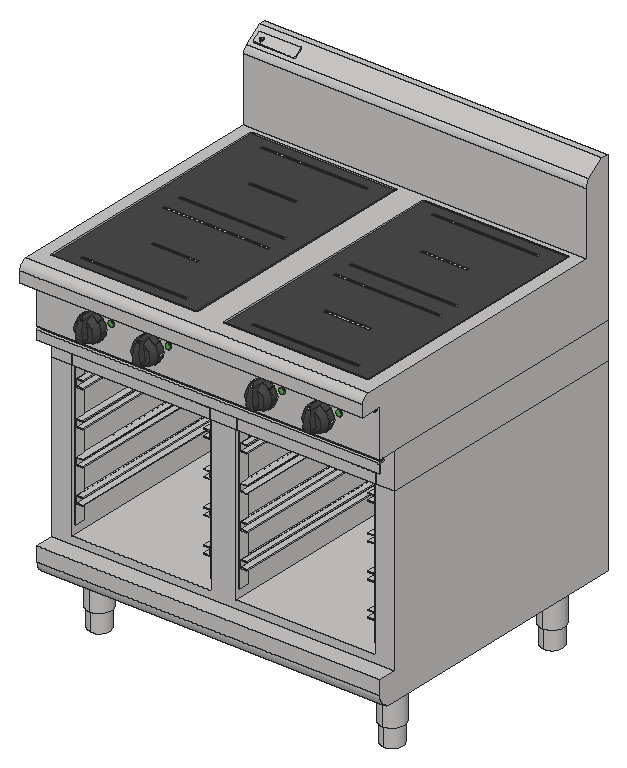
Revit family "QF_Moffat_IN8400R3-CB_Induction Cooktop_cat", category Specialty Equipment, Revit 2019
Family settings
  Round Connector Dimension = Use Diameter
  Part Type = Normal
  Work Plane-Based = No
  Always vertical = Yes
  Cut with Voids When Loaded = No
  Shared = No
  Room Calculation Point = No
Parameters (values of type "INB8400R3-CB_415/60/3")
  Weight in Kilograms = 105
  Watts = 14000 W
  Volts = 415 V
  URL Cutsheet = ""
  Specification by User = ""
  Specification by Manufacturer = ""
  Show Logo [instance] = yes
  Serial Number = ""
  Seismic Rating = ""
  SMACNA No = ""
  Revision Code = ""
  Phase = 3
  Number of Poles = 1
  NAFEM Spec ID Number = ""
  Model = "IN8400R3-CB"
  Min Ckt Ampacity = 0 A
  Max Overcurrent Protection = 0 A
  Masterspec = ""
  Manufacturer = "Moffat"
  Length = 900 mm
  Item Number = ""
  Installed By = ""
  Identify Quantity as Lot = yes
  Height = 1130 mm
  HP = ""
  Furnished By = ""
  Foodservice Equipment Identifier = yes
  FL Amps = 20 A
  Electrical Remarks = ""
  Electric Connection Type = ""
  Elec Conn RI Height = 0 mm
  Elec Conn Connection Height = 0 mm
  Description = "Induction Cooktop"
  Depth = 805 mm
  Cycle = 60 Hz
  Conn Plug = ""
  Conn Conduit = yes
  CSI MasterFormat = ""
  Apparent Power = if(Phase = 3, Volts * FL Amps * 1.73, Volts * FL Amps)  # 14359 VA
Reference planes
  plane 1 "BACK": y = 0
  plane 2: z = 0
  plane 3 "LEFT": x = 0
  plane 4 "RIGHT": x = 900
  plane 5 "FRONT": y = -805
  plane 6 "TOP": z = 1130
  plane 7 "Center Y": x = 450
  plane 8 "Center X": y = -402.5
  plane 9: x = 65.5
  plane 10: x = 834.5
  plane 11: y = -30
  plane 12: z = 150
  plane 13: y = -100
  plane 14: y = -625
  plane 15: y = -70
  plane 16: z = 915
  plane 17: x = 770
Forms (mm)
  Extrusion 1, solid, material "QF_Metal_Stainless_Polished"
    sketch origin (0, 0, 560) x (0, 1, 0) y (0, 0, 1)
      loop
        line (0, 180) -> (0, 570) -> (-18.182, 570) -> (-60.863, 538.99)
        arc (-60.863, 538.99) -> (-67.584, 531.121) -> (-70, 521.058) r 22.165
        line (-70, 521.058) -> (-70, 355) -> (-784.417, 355)
        arc (-784.417, 355) -> (-798.971, 348.971) -> (-805, 334.417) r 20.583
        line (-805, 334.417) -> (-805, 305) -> (-749, 305) -> (-749, 180) -> (0, 180)
    from 0 to 900
  Extrusion 2, void
    sketch origin (0, -784.171, 915) x (0, 1, 0) y (-1, 0, 0)
      loop
        arc (699.341, -37.323) -> (697.584, -33.08) -> (693.341, -31.323) r 6
        line (693.341, -31.323) -> (45.245, -31.323)
        arc (45.245, -31.323) -> (41.002, -33.08) -> (39.245, -37.323) r 6
        line (39.245, -37.323) -> (39.245, -410.105)
        arc (39.245, -410.105) -> (41.002, -414.347) -> (45.245, -416.105) r 6
        line (45.245, -416.105) -> (693.341, -416.105)
        arc (693.341, -416.105) -> (697.584, -414.347) -> (699.341, -410.105) r 6
        line (699.341, -410.105) -> (699.341, -37.323)
      loop
        line (699.341, -862.677) -> (699.341, -489.895)
        arc (699.341, -489.895) -> (697.584, -485.653) -> (693.341, -483.895) r 6
        line (693.341, -483.895) -> (45.245, -483.895)
        arc (45.245, -483.895) -> (41.002, -485.653) -> (39.245, -489.895) r 6
        line (39.245, -489.895) -> (39.245, -862.677)
        arc (39.245, -862.677) -> (41.002, -866.92) -> (45.245, -868.677) r 6
        line (45.245, -868.677) -> (693.341, -868.677)
        arc (693.341, -868.677) -> (697.584, -866.92) -> (699.341, -862.677) r 6
    from 0 to -9.5
  Extrusion 3, solid, material "QF_Plastic_Black_Smooth"
    sketch origin (0, -784.171, 915) x (0, 1, 0) y (-1, 0, 0)
      loop
        line (695.341, -410.105) -> (695.341, -37.323)
        arc (695.341, -37.323) -> (694.755, -35.908) -> (693.341, -35.323) r 2
        line (693.341, -35.323) -> (45.245, -35.323)
        arc (45.245, -35.323) -> (43.831, -35.908) -> (43.245, -37.323) r 2
        line (43.245, -37.323) -> (43.245, -410.105)
        arc (43.245, -410.105) -> (43.831, -411.519) -> (45.245, -412.105) r 2
        line (45.245, -412.105) -> (693.341, -412.105)
        arc (693.341, -412.105) -> (694.755, -411.519) -> (695.341, -410.105) r 2
      loop
        line (667.194, -86.598) -> (661.194, -86.598) -> (661.194, -363.75) -> (667.194, -363.75) -> (667.194, -86.598)
      loop
        line (526.611, -163.924) -> (526.611, -283.924) -> (532.611, -283.924) -> (532.611, -163.924) -> (526.611, -163.924)
      loop
        line (398.444, -86.598) -> (392.444, -86.598) -> (392.444, -363.75) -> (398.444, -363.75) -> (398.444, -86.598)
      loop
        line (345.944, -86.598) -> (339.944, -86.598) -> (339.944, -363.75) -> (345.944, -363.75) -> (345.944, -86.598)
      loop
        line (206.611, -163.924) -> (206.611, -283.924) -> (212.611, -283.924) -> (212.611, -163.924) -> (206.611, -163.924)
      loop
        line (77.194, -86.598) -> (71.194, -86.598) -> (71.194, -363.75) -> (77.194, -363.75) -> (77.194, -86.598)
      loop
        arc (695.341, -489.895) -> (694.755, -488.481) -> (693.341, -487.895) r 2
        line (693.341, -487.895) -> (45.245, -487.895)
        arc (45.245, -487.895) -> (43.831, -488.481) -> (43.245, -489.895) r 2
        line (43.245, -489.895) -> (43.245, -862.677)
        arc (43.245, -862.677) -> (43.831, -864.092) -> (45.245, -864.677) r 2
        line (45.245, -864.677) -> (693.341, -864.677)
        arc (693.341, -864.677) -> (694.755, -864.092) -> (695.341, -862.677) r 2
        line (695.341, -862.677) -> (695.341, -489.895)
      loop
        line (667.194, -813.402) -> (667.194, -536.25) -> (661.194, -536.25) -> (661.194, -813.402) -> (667.194, -813.402)
      loop
        line (526.611, -736.076) -> (532.611, -736.076) -> (532.611, -616.076) -> (526.611, -616.076) -> (526.611, -736.076)
      loop
        line (398.444, -813.402) -> (398.444, -536.25) -> (392.444, -536.25) -> (392.444, -813.402) -> (398.444, -813.402)
      loop
        line (345.944, -813.402) -> (345.944, -536.25) -> (339.944, -536.25) -> (339.944, -813.402) -> (345.944, -813.402)
      loop
        line (206.611, -736.076) -> (212.611, -736.076) -> (212.611, -616.076) -> (206.611, -616.076) -> (206.611, -736.076)
      loop
        line (77.194, -813.402) -> (77.194, -536.25) -> (71.194, -536.25) -> (71.194, -813.402) -> (77.194, -813.402)
    from 0 to -9.5
  Extrusion 4, solid, material "QF_Metal_Stainless_Polished"
    sketch origin (0, 0, 600) x (0, 1, 0) y (0, 0, 1)
      loop
        line (-739.467, 140) -> (-738.192, 134.838)
        arc (-738.192, 134.838) -> (-738.307, 134.302) -> (-738.799, 134.063) r 0.625
        line (-738.799, 134.063) -> (-746.111, 134.063)
        arc (-746.111, 134.063) -> (-748.011, 133.276) -> (-748.797, 131.377) r 2.686
        line (-748.797, 131.377) -> (-748.797, 107.627) -> (-747.197, 107.627) -> (-747.197, 131.242)
        arc (-747.197, 131.242) -> (-746.84, 132.105) -> (-745.976, 132.463) r 1.221
        line (-745.976, 132.463) -> (-738.755, 132.463)
        arc (-738.755, 132.463) -> (-737.028, 133.304) -> (-736.625, 135.182) r 2.194
        line (-736.625, 135.182) -> (-737.815, 140) -> (-739.467, 140)
    from 0 to 900
  Extrusion 5, solid, material "QF_Plastic_Black_Smooth"
    sketch origin (0, -749, 741.875) x (0, 0, 1) y (-1, 0, 0)
      loop
        circle (112.843, -13.157) r 5
      loop
        circle (112.843, -886.843) r 5
    from 0 to 1.6
  Extrusion 6, solid, material "QF_Metal_Stainless_Polished"
    sketch origin (450, -699, 645) x (0, 1, 0) y (1, 0, 0)
      loop
        circle (669, 320) r 6.35
    from 0 to 10
  Extrusion 7, solid, material "QF_Metal_Stainless_Polished"
    sketch origin (0, -699, 645) x (1, 0, 0) y (0, -1, 0)
      loop
        line (0, -699) -> (900, -699) -> (900, 0) -> (849.2, 0) -> (849.2, -25.4) -> (485.8, -25.4) -> (485.8, 0) -> (414.2, 0) -> (414.2, -25.4) -> (50.8, -25.4) -> (50.8, 0) -> (0, 0) -> (0, -699)
    from 0 to -95
  Extrusion 8, solid, material "QF_Metal_Stainless_Polished"
    sketch origin (50.8, -30, 645) x (0, 1, 0) y (0, 0, 1)
      loop
        line (-669, 0) -> (-643.6, 0) -> (-643.6, 26.45) -> (-669, 26.45) -> (-669, 0)
      loop
        line (-669, 32.45) -> (-643.6, 32.45) -> (-643.6, 66.4) -> (-669, 66.4) -> (-669, 32.45)
      loop
        line (-669, 67.4) -> (-643.6, 67.4) -> (-643.6, 95) -> (-669, 95) -> (-669, 67.4)
    from 0 to 363.4
  Extrusion 9, solid, material "QF_Metal_Stainless_Polished"
    sketch origin (900, 0, 560) x (-1, 0, 0) y (0, -1, 0)
      loop
        line (536.25, 122.976) -> (536.25, 116.976) -> (813.402, 116.976) -> (813.402, 122.976) -> (536.25, 122.976)
      loop
        line (736.076, 251.56) -> (736.076, 257.56) -> (616.076, 257.56) -> (616.076, 251.56) -> (736.076, 251.56)
      loop
        line (813.402, 385.726) -> (813.402, 391.726) -> (536.25, 391.726) -> (536.25, 385.726) -> (813.402, 385.726)
      loop
        line (813.402, 438.226) -> (813.402, 444.226) -> (536.25, 444.226) -> (536.25, 438.226) -> (813.402, 438.226)
      loop
        line (736.076, 571.56) -> (736.076, 577.56) -> (616.076, 577.56) -> (616.076, 571.56) -> (736.076, 571.56)
      loop
        line (536.25, 712.976) -> (536.25, 706.976) -> (813.402, 706.976) -> (813.402, 712.976) -> (536.25, 712.976)
      loop
        line (363.75, 122.976) -> (86.598, 122.976) -> (86.598, 116.976) -> (363.75, 116.976) -> (363.75, 122.976)
      loop
        line (163.924, 251.56) -> (283.924, 251.56) -> (283.924, 257.56) -> (163.924, 257.56) -> (163.924, 251.56)
      loop
        line (86.598, 385.726) -> (363.75, 385.726) -> (363.75, 391.726) -> (86.598, 391.726) -> (86.598, 385.726)
      loop
        line (86.598, 438.226) -> (363.75, 438.226) -> (363.75, 444.226) -> (86.598, 444.226) -> (86.598, 438.226)
      loop
        line (163.924, 571.56) -> (283.924, 571.56) -> (283.924, 577.56) -> (163.924, 577.56) -> (163.924, 571.56)
      loop
        line (363.75, 712.976) -> (86.598, 712.976) -> (86.598, 706.976) -> (363.75, 706.976) -> (363.75, 712.976)
    from 355 to 345.5
  Extrusion 10, solid, material "QF_Paint_Green"
    sketch origin (63.231, -748.999, 713.75) x (0, 0, 1) y (-1, 0, 0)
      loop
        circle (100.3, -282.5) r 7.15
    from 0 to 1.6
  Extrusion 11, solid, material "QF_Plastic_Black_Smooth"
    sketch origin (75, -748.999, 725.625) x (0, 0, 1) y (-1, 0, 0)
      loop
        circle (112.843, -225) r 5
    from 0 to 1.6
  Extrusion 12, solid, material "QF_Paint_Green"
    sketch origin (-86.769, -748.999, 713.75) x (0, 0, 1) y (-1, 0, 0)
      loop
        circle (100.3, -282.5) r 7.15
    from 0 to 1.6
  Extrusion 13, solid, material "QF_Plastic_Black_Smooth"
    sketch origin (-75, -748.999, 725.625) x (0, 0, 1) y (-1, 0, 0)
      loop
        circle (112.843, -225) r 5
    from 0 to 1.6
  Extrusion 14, solid, material "QF_Paint_Green"
    sketch origin (511.981, -748.999, 713.75) x (0, 0, 1) y (-1, 0, 0)
      loop
        circle (100.3, -282.5) r 7.15
    from 0 to 1.6
  Extrusion 15, solid, material "QF_Plastic_Black_Smooth"
    sketch origin (523.75, -748.999, 725.625) x (0, 0, 1) y (-1, 0, 0)
      loop
        circle (112.843, -225) r 5
    from 0 to 1.6
  Extrusion 16, solid, material "QF_Paint_Green"
    sketch origin (361.981, -748.999, 713.75) x (0, 0, 1) y (-1, 0, 0)
      loop
        circle (100.3, -282.5) r 7.15
    from 0 to 1.6
  Extrusion 17, solid, material "QF_Plastic_Black_Smooth"
    sketch origin (373.75, -748.999, 725.625) x (0, 0, 1) y (-1, 0, 0)
      loop
        circle (112.843, -225) r 5
    from 0 to 1.6
  Extrusion 18, solid, material "QF_Metal_Stainless_Polished"
    sketch origin (849.2, -30, 645) x (0, 1, 0) y (0, 0, -1)
      loop
        line (-669, 0) -> (-669, -26.45) -> (-643.6, -26.45) -> (-643.6, 0) -> (-669, 0)
      loop
        line (-669, -32.45) -> (-669, -66.4) -> (-643.6, -66.4) -> (-643.6, -32.45) -> (-669, -32.45)
      loop
        line (-669, -67.4) -> (-669, -95) -> (-643.6, -95) -> (-643.6, -67.4) -> (-669, -67.4)
    from 0 to 363.4
Cuts and joins
  Extrusion 2 cuts Extrusion 1
Lines and regions (mm)
  symbolic lines
    curve 1: line (0, 0, 0) -> (900, 0, 0)
    curve 2: line (0, -805, 0) -> (0, 0, 0)
    curve 3: line (900, -805, 0) -> (0, -805, 0)
    curve 4: line (900, 0, 0) -> (900, -805, 0)
    curve 5: line (0, -18.182, 0) -> (900, -18.182, 0)
    curve 6: line (0, -70, 0) -> (450, -70, 0)
    curve 7: line (37.323, -84.83, 0) -> (410.105, -84.83, 0)
    curve 8: arc (410.105, -84.83, 0) -> (414.347, -86.587, 0) -> (416.105, -90.83, 0) r 6
    curve 9: line (416.105, -90.83, 0) -> (416.105, -738.926, 0)
    curve 10: arc (416.105, -738.926, 0) -> (414.347, -743.168, 0) -> (410.105, -744.926, 0) r 6
    curve 11: line (410.105, -744.926, 0) -> (37.323, -744.926, 0)
    curve 12: arc (37.323, -744.926, 0) -> (33.08, -743.168, 0) -> (31.323, -738.926, 0) r 6
    curve 13: line (31.323, -738.926, 0) -> (31.323, -90.83, 0)
    curve 14: arc (31.323, -90.83, 0) -> (33.08, -86.587, 0) -> (37.323, -84.83, 0) r 6
    curve 15: line (410.105, -88.83, 0) -> (37.323, -88.83, 0)
    curve 16: arc (37.323, -88.83, 0) -> (35.908, -89.415, 0) -> (35.323, -90.83, 0) r 2
    curve 17: line (35.323, -90.83, 0) -> (35.323, -738.926, 0)
    curve 18: arc (35.323, -738.926, 0) -> (35.908, -740.34, 0) -> (37.323, -740.926, 0) r 2
    curve 19: line (37.323, -740.926, 0) -> (410.105, -740.926, 0)
    curve 20: arc (410.105, -740.926, 0) -> (411.519, -740.34, 0) -> (412.105, -738.926, 0) r 2
    curve 21: line (412.105, -738.926, 0) -> (412.105, -90.83, 0)
    curve 22: arc (412.105, -90.83, 0) -> (411.519, -89.415, 0) -> (410.105, -88.83, 0) r 2
    curve 23: line (416.105, -738.926, 0) -> (416.105, -90.83, 0)
    curve 24: line (412.105, -90.83, 0) -> (412.105, -738.926, 0)
    curve 25: line (862.677, -84.83, 0) -> (489.895, -84.83, 0)
    curve 26: arc (489.895, -84.83, 0) -> (485.653, -86.587, 0) -> (483.895, -90.83, 0) r 6
    curve 27: arc (483.895, -738.926, 0) -> (485.653, -743.168, 0) -> (489.895, -744.926, 0) r 6
    curve 28: line (489.895, -744.926, 0) -> (862.677, -744.926, 0)
    curve 29: arc (862.677, -744.926, 0) -> (866.92, -743.168, 0) -> (868.677, -738.926, 0) r 6
    curve 30: line (868.677, -738.926, 0) -> (868.677, -90.83, 0)
    curve 31: arc (868.677, -90.83, 0) -> (866.92, -86.587, 0) -> (862.677, -84.83, 0) r 6
    curve 32: line (489.895, -88.83, 0) -> (862.677, -88.83, 0)
    curve 33: arc (862.677, -88.83, 0) -> (864.092, -89.415, 0) -> (864.677, -90.83, 0) r 2
    curve 34: line (864.677, -90.83, 0) -> (864.677, -738.926, 0)
    curve 35: arc (864.677, -738.926, 0) -> (864.092, -740.34, 0) -> (862.677, -740.926, 0) r 2
    curve 36: line (862.677, -740.926, 0) -> (489.895, -740.926, 0)
    curve 37: arc (489.895, -740.926, 0) -> (488.481, -740.34, 0) -> (487.895, -738.926, 0) r 2
    curve 38: arc (487.895, -90.83, 0) -> (488.481, -89.415, 0) -> (489.895, -88.83, 0) r 2
    curve 39: line (487.895, -90.83, 0) -> (487.895, -738.926, 0)
    curve 40: arc (487.895, -738.926, 0) -> (488.481, -740.34, 0) -> (489.895, -740.926, 0) r 2
    curve 41: line (489.895, -740.926, 0) -> (862.677, -740.926, 0)
    curve 42: arc (862.677, -740.926, 0) -> (864.092, -740.34, 0) -> (864.677, -738.926, 0) r 2
    curve 43: line (864.677, -738.926, 0) -> (864.677, -90.83, 0)
    curve 44: arc (864.677, -90.83, 0) -> (864.092, -89.415, 0) -> (862.677, -88.83, 0) r 2
    curve 45: line (862.677, -88.83, 0) -> (489.895, -88.83, 0)
    curve 46: arc (489.895, -88.83, 0) -> (488.481, -89.415, 0) -> (487.895, -90.83, 0) r 2
    curve 47: line (483.895, -90.83, 0) -> (483.895, -738.926, 0)
    curve 48: arc (483.895, -738.926, 0) -> (485.653, -743.168, 0) -> (489.895, -744.926, 0) r 6
    curve 49: line (489.895, -744.926, 0) -> (862.677, -744.926, 0)
    curve 50: arc (862.677, -744.926, 0) -> (866.92, -743.168, 0) -> (868.677, -738.926, 0) r 6
    curve 51: line (868.677, -738.926, 0) -> (868.677, -90.83, 0)
    curve 52: arc (868.677, -90.83, 0) -> (866.92, -86.587, 0) -> (862.677, -84.83, 0) r 6
    curve 53: line (862.677, -84.83, 0) -> (489.895, -84.83, 0)
    curve 54: arc (489.895, -84.83, 0) -> (485.653, -86.587, 0) -> (483.895, -90.83, 0) r 6
    curve 55: line (86.598, -122.976, 0) -> (363.75, -122.976, 0)
    curve 56: line (363.75, -122.976, 0) -> (363.75, -116.976, 0)
    curve 57: line (363.75, -116.976, 0) -> (86.598, -116.976, 0)
    curve 58: line (86.598, -116.976, 0) -> (86.598, -122.976, 0)
    curve 59: line (283.924, -251.56, 0) -> (163.924, -251.56, 0)
    curve 60: line (163.924, -251.56, 0) -> (163.924, -257.56, 0)
    curve 61: line (163.924, -257.56, 0) -> (283.924, -257.56, 0)
    curve 62: line (283.924, -257.56, 0) -> (283.924, -251.56, 0)
    curve 63: line (536.25, -122.976, 0) -> (813.402, -122.976, 0)
    curve 64: line (813.402, -122.976, 0) -> (813.402, -116.976, 0)
    curve 65: line (813.402, -116.976, 0) -> (536.25, -116.976, 0)
    curve 66: line (536.25, -116.976, 0) -> (536.25, -122.976, 0)
    curve 67: line (736.076, -251.56, 0) -> (616.076, -251.56, 0)
    curve 68: line (616.076, -251.56, 0) -> (616.076, -257.56, 0)
    curve 69: line (616.076, -257.56, 0) -> (736.076, -257.56, 0)
    curve 70: line (736.076, -257.56, 0) -> (736.076, -251.56, 0)
    curve 71: line (736.076, -571.56, 0) -> (616.076, -571.56, 0)
    curve 72: line (616.076, -571.56, 0) -> (616.076, -577.56, 0)
    curve 73: line (616.076, -577.56, 0) -> (736.076, -577.56, 0)
    curve 74: line (736.076, -577.56, 0) -> (736.076, -571.56, 0)
    curve 75: line (813.402, -706.976, 0) -> (536.25, -706.976, 0)
    curve 76: line (536.25, -706.976, 0) -> (536.25, -712.976, 0)
    curve 77: line (536.25, -712.976, 0) -> (813.402, -712.976, 0)
    curve 78: line (813.402, -712.976, 0) -> (813.402, -706.976, 0)
    curve 79: line (86.598, -712.976, 0) -> (363.75, -712.976, 0)
    curve 80: line (363.75, -712.976, 0) -> (363.75, -706.976, 0)
    curve 81: line (363.75, -706.976, 0) -> (86.598, -706.976, 0)
    curve 82: line (86.598, -706.976, 0) -> (86.598, -712.976, 0)
    curve 83: line (283.924, -577.56, 0) -> (163.924, -577.56, 0)
    curve 84: line (163.924, -577.56, 0) -> (163.924, -571.56, 0)
    curve 85: line (163.924, -571.56, 0) -> (283.924, -571.56, 0)
    curve 86: line (283.924, -571.56, 0) -> (283.924, -577.56, 0)
    curve 87: line (86.598, -444.226, 0) -> (363.75, -444.226, 0)
    curve 88: line (363.75, -444.226, 0) -> (363.75, -438.226, 0)
    curve 89: line (363.75, -438.226, 0) -> (86.598, -438.226, 0)
    curve 90: line (86.598, -438.226, 0) -> (86.598, -444.226, 0)
    curve 91: line (86.598, -391.726, 0) -> (363.75, -391.726, 0)
    curve 92: line (363.75, -391.726, 0) -> (363.75, -385.726, 0)
    curve 93: line (363.75, -385.726, 0) -> (86.598, -385.726, 0)
    curve 94: line (86.598, -385.726, 0) -> (86.598, -391.726, 0)
    curve 95: line (0, 0, 560) -> (900, 0, 560)
    curve 96: line (0, -805, 560) -> (0, 0, 560)
    curve 97: line (900, -805, 560) -> (0, -805, 560)
    curve 98: line (900, 0, 560) -> (900, -805, 560)
    curve 99: line (0, -18.182, 560) -> (900, -18.182, 560)
    curve 100: line (0, -70, 560) -> (900, -70, 560)
    curve 101: line (416.105, -90.83, 560) -> (416.105, -738.926, 560)
    curve 102: line (412.105, -738.926, 560) -> (412.105, -90.83, 560)
    curve 103: line (416.105, -738.926, 560) -> (416.105, -90.83, 560)
    curve 104: line (412.105, -90.83, 560) -> (412.105, -738.926, 560)
    curve 105: line (862.677, -84.83, 560) -> (489.895, -84.83, 560)
    curve 106: arc (483.895, -738.926, 560) -> (485.653, -743.168, 560) -> (489.895, -744.926, 560) r 6
    curve 107: line (489.895, -744.926, 560) -> (862.677, -744.926, 560)
    curve 108: arc (862.677, -744.926, 560) -> (866.92, -743.168, 560) -> (868.677, -738.926, 560) r 6
    curve 109: arc (864.677, -738.926, 560) -> (864.092, -740.34, 560) -> (862.677, -740.926, 560) r 2
    curve 110: line (862.677, -740.926, 560) -> (489.895, -740.926, 560)
    curve 111: arc (489.895, -740.926, 560) -> (488.481, -740.34, 560) -> (487.895, -738.926, 560) r 2
    curve 112: arc (487.895, -738.926, 560) -> (488.481, -740.34, 560) -> (489.895, -740.926, 560) r 2
    curve 113: line (489.895, -740.926, 560) -> (862.677, -740.926, 560)
    curve 114: arc (862.677, -740.926, 560) -> (864.092, -740.34, 560) -> (864.677, -738.926, 560) r 2
    curve 115: arc (483.895, -738.926, 560) -> (485.653, -743.168, 560) -> (489.895, -744.926, 560) r 6
    curve 116: line (489.895, -744.926, 560) -> (862.677, -744.926, 560)
    curve 117: arc (862.677, -744.926, 560) -> (866.92, -743.168, 560) -> (868.677, -738.926, 560) r 6
    curve 118: line (86.598, -122.976, 560) -> (363.75, -122.976, 560)
    curve 119: line (363.75, -122.976, 560) -> (363.75, -116.976, 560)
    curve 120: line (363.75, -116.976, 560) -> (86.598, -116.976, 560)
    curve 121: line (86.598, -116.976, 560) -> (86.598, -122.976, 560)
    curve 122: line (283.924, -251.56, 560) -> (163.924, -251.56, 560)
    curve 123: line (163.924, -251.56, 560) -> (163.924, -257.56, 560)
    curve 124: line (163.924, -257.56, 560) -> (283.924, -257.56, 560)
    curve 125: line (283.924, -257.56, 560) -> (283.924, -251.56, 560)
    curve 126: line (536.25, -122.976, 560) -> (813.402, -122.976, 560)
    curve 127: line (813.402, -122.976, 560) -> (813.402, -116.976, 560)
    curve 128: line (813.402, -116.976, 560) -> (536.25, -116.976, 560)
    curve 129: line (536.25, -116.976, 560) -> (536.25, -122.976, 560)
    curve 130: line (736.076, -251.56, 560) -> (616.076, -251.56, 560)
    curve 131: line (616.076, -251.56, 560) -> (616.076, -257.56, 560)
    curve 132: line (616.076, -257.56, 560) -> (736.076, -257.56, 560)
    curve 133: line (736.076, -257.56, 560) -> (736.076, -251.56, 560)
    curve 134: line (736.076, -571.56, 560) -> (616.076, -571.56, 560)
    curve 135: line (616.076, -571.56, 560) -> (616.076, -577.56, 560)
    curve 136: line (616.076, -577.56, 560) -> (736.076, -577.56, 560)
    curve 137: line (736.076, -577.56, 560) -> (736.076, -571.56, 560)
    curve 138: line (813.402, -706.976, 560) -> (536.25, -706.976, 560)
    curve 139: line (536.25, -706.976, 560) -> (536.25, -712.976, 560)
    curve 140: line (536.25, -712.976, 560) -> (813.402, -712.976, 560)
    curve 141: line (813.402, -712.976, 560) -> (813.402, -706.976, 560)
    curve 142: line (86.598, -712.976, 560) -> (363.75, -712.976, 560)
    curve 143: line (363.75, -712.976, 560) -> (363.75, -706.976, 560)
    curve 144: line (363.75, -706.976, 560) -> (86.598, -706.976, 560)
    curve 145: line (86.598, -706.976, 560) -> (86.598, -712.976, 560)
    curve 146: line (283.924, -577.56, 560) -> (163.924, -577.56, 560)
    curve 147: line (163.924, -577.56, 560) -> (163.924, -571.56, 560)
    curve 148: line (163.924, -571.56, 560) -> (283.924, -571.56, 560)
    curve 149: line (283.924, -571.56, 560) -> (283.924, -577.56, 560)
    curve 150: line (86.598, -444.226, 560) -> (363.75, -444.226, 560)
    curve 151: line (363.75, -444.226, 560) -> (363.75, -438.226, 560)
    curve 152: line (363.75, -438.226, 560) -> (86.598, -438.226, 560)
    curve 153: line (86.598, -438.226, 560) -> (86.598, -444.226, 560)
    curve 154: line (86.598, -391.726, 560) -> (363.75, -391.726, 560)
    curve 155: line (363.75, -391.726, 560) -> (363.75, -385.726, 560)
    curve 156: line (363.75, -385.726, 560) -> (86.598, -385.726, 560)
    curve 157: line (86.598, -385.726, 560) -> (86.598, -391.726, 560)
    curve 158: line (536.25, -391.726, 560) -> (813.402, -391.726, 560)
    curve 159: line (813.402, -391.726, 560) -> (813.402, -385.726, 560)
    curve 160: line (813.402, -385.726, 560) -> (536.25, -385.726, 560)
    curve 161: line (536.25, -385.726, 560) -> (536.25, -391.726, 560)
    curve 162: line (536.25, -444.226, 560) -> (813.402, -444.226, 560)
    curve 163: line (813.402, -444.226, 560) -> (813.402, -438.226, 560)
    curve 164: line (813.402, -438.226, 560) -> (536.25, -438.226, 560)
    curve 165: line (536.25, -438.226, 560) -> (536.25, -444.226, 560)
Dimensions and locks
  equal spacing: plane 3 "LEFT", plane 7 "Center Y", plane 4 "RIGHT"
  "Length": plane 3 "LEFT" to plane 4 "RIGHT"
  equal spacing: plane 5 "FRONT", plane 8 "Center X", plane 1 "BACK"
  "Depth": plane 5 "FRONT" to plane 1 "BACK"
  "Height": plane 6 "TOP" to level
  plane 9 to plane 10 = 769 mm
  plane 4 "RIGHT" to plane 3 "LEFT" = 900 mm
  plane 6 "TOP" to plane 2 = 1130 mm
  plane 1 "BACK" to plane 11 = 30 mm
  plane 1 "BACK" to plane 13 to plane 14 = 100 mm, 525 mm
  plane 1 "BACK" to plane 15 = 70 mm
  plane 16 to level = 915 mm  (x2)
  level to plane 12 = 150 mm
  plane 12 to level = 150 mm
  plane 4 "RIGHT" to plane 17 = 130 mm
  plane 1 "BACK" to plane 5 "FRONT" = 805 mm
  locked: plane 10 to plane 4 "RIGHT" at 65.5
  aligned and locked: level to plane 2
  aligned and locked: Extrusion 18 to Extrusion 7  (x2)
Automatic sketch dimensions
  Extrusion 1 sketch curve to plane 5 "FRONT" = 0 mm
  Extrusion 1 sketch curve to plane 16 = 0 mm
  Extrusion 1 sketch curve to plane 15 = 0 mm
  Extrusion 1 sketch curve to plane 6 "TOP" = 0 mm
  Extrusion 1 sketch curve to plane 1 "BACK" = 0 mm
  Extrusion 1 sketch curve to plane 5 "FRONT" = 20.583 mm
  Extrusion 1 sketch curve to plane 5 "FRONT" = 56 mm
  Extrusion 1 sketch curve to plane 15 = 9.137 mm
  plane 11 to Extrusion 1 sketch curve = 17.835 mm
  Extrusion 1 sketch curve to plane 11 = 11.818 mm
  Extrusion 1 sketch curve to Extrusion 1 sketch curve = 29.417 mm
  Extrusion 1 sketch curve to plane 16 = 175 mm
  Extrusion 1 sketch curve to plane 6 "TOP" = 48.942 mm
  Extrusion 2 sketch curve to Extrusion 1 = 39.492 mm  (x2)
  Extrusion 2 sketch curve to Extrusion 2 sketch curve = 6 mm  (x6)
  Extrusion 1 to Extrusion 2 sketch curve = 20.83 mm  (x4)
  Extrusion 1 to Extrusion 2 sketch curve = 31.323 mm
  Extrusion 2 sketch curve to Extrusion 2 sketch curve = 372.782 mm
  Extrusion 2 sketch curve to Extrusion 2 sketch curve = 67.791 mm
  Extrusion 1 to Extrusion 2 sketch curve = 37.323 mm
  Extrusion 4 sketch curve to plane 5 "FRONT" = 56.203 mm
  Extrusion 4 sketch curve to Extrusion 4 sketch curve = 1.6 mm
  Extrusion 4 sketch curve to Extrusion 4 sketch curve = 1.086 mm
  Extrusion 4 sketch curve to Extrusion 4 sketch curve = 0.135 mm  (x2)
  Extrusion 4 sketch curve to Extrusion 4 sketch curve = 6.644 mm
  Extrusion 4 sketch curve to Extrusion 4 sketch curve = 0.668 mm
  Extrusion 4 sketch curve to Extrusion 4 sketch curve = 0.044 mm
  Extrusion 4 sketch curve to Extrusion 4 sketch curve = 0.563 mm
  Extrusion 4 sketch curve to Extrusion 4 sketch curve = 1.652 mm
  Extrusion 4 sketch curve to Extrusion 4 sketch curve = 1.567 mm
  Extrusion 4 sketch curve to plane 16 = 207.373 mm
  Extrusion 4 sketch curve to Extrusion 4 sketch curve = 23.614 mm
  Extrusion 4 sketch curve to Extrusion 4 sketch curve = 0.594 mm
  Extrusion 4 sketch curve to Extrusion 4 sketch curve = 0.032 mm
  Extrusion 4 sketch curve to Extrusion 4 sketch curve = 5.162 mm
  Extrusion 1 to Extrusion 5 sketch curve = 10.282 mm  (x2)
  Extrusion 1 to Extrusion 5 sketch curve = 13.157 mm  (x2)
  Extrusion 12 sketch curve to plane 16 = 100.95 mm
  Extrusion 12 sketch curve to plane 9 = 130.231 mm
  Extrusion 13 sketch curve to plane 16 = 76.532 mm
  Extrusion 13 sketch curve to plane 9 = 84.5 mm
  plane 17 to Extrusion 14 sketch curve = 24.481 mm
  Extrusion 14 sketch curve to plane 16 = 100.95 mm
  Extrusion 15 sketch curve to plane 17 = 21.25 mm
  Extrusion 15 sketch curve to plane 16 = 76.532 mm
  Extrusion 16 sketch curve to plane 16 = 100.95 mm
  Extrusion 16 sketch curve to plane 17 = 125.519 mm
  plane 14 to Extrusion 18 sketch curve = 74 mm
  Extrusion 18 sketch curve to Extrusion 18 sketch curve = 0 mm  (x4)
  Extrusion 18 sketch curve to Extrusion 18 sketch curve = 25.4 mm
  Extrusion 18 sketch curve to plane 16 = 175 mm
  Extrusion 18 sketch curve to Extrusion 18 sketch curve = 27.6 mm
  Extrusion 18 sketch curve to Extrusion 18 sketch curve = 1 mm
  Extrusion 18 sketch curve to Extrusion 18 sketch curve = 33.95 mm
  Extrusion 18 sketch curve to Extrusion 18 sketch curve = 6 mm
  Extrusion 18 sketch curve to Extrusion 18 sketch curve = 26.45 mm
  Extrusion 3 sketch curve to Extrusion 1 = 43.492 mm  (x2)
  Extrusion 3 sketch curve to Extrusion 3 sketch curve = 2 mm  (x6)
  Extrusion 3 sketch curve to Extrusion 3 sketch curve = 25.949 mm  (x2)
  Extrusion 3 sketch curve to Extrusion 3 sketch curve = 6 mm  (x12)
  Extrusion 3 sketch curve to Extrusion 3 sketch curve = 129.416 mm  (x2)
  Extrusion 3 sketch curve to Extrusion 3 sketch curve = 127.334 mm  (x2)
  Extrusion 3 sketch curve to Extrusion 3 sketch curve = 46.5 mm  (x2)
  Extrusion 3 sketch curve to Extrusion 3 sketch curve = 128.166 mm  (x2)
  Extrusion 1 to Extrusion 3 sketch curve = 52.976 mm  (x2)
  Extrusion 1 to Extrusion 3 sketch curve = 20.83 mm  (x4)
  Extrusion 1 to Extrusion 3 sketch curve = 35.323 mm
  Extrusion 3 sketch curve to Extrusion 3 sketch curve = 49.275 mm  (x2)
  Extrusion 1 to Extrusion 3 sketch curve = 86.598 mm  (x4)
  Extrusion 3 sketch curve to Extrusion 3 sketch curve = 0 mm  (x4)
  Extrusion 3 sketch curve to Extrusion 3 sketch curve = 77.326 mm  (x2)
  Extrusion 3 sketch curve to Extrusion 3 sketch curve = 120 mm  (x4)
  Extrusion 3 sketch curve to Extrusion 3 sketch curve = 79.826 mm  (x5)
  Extrusion 3 sketch curve to Extrusion 3 sketch curve = 46.355 mm  (x3)
  Extrusion 3 sketch curve to Extrusion 3 sketch curve = 75.791 mm
  Extrusion 3 sketch curve to Extrusion 3 sketch curve = 172.5 mm
  Extrusion 1 to Extrusion 3 sketch curve = 37.323 mm
  curve 8 to curve 22 = 0 mm  (x2)
  curve 10 to curve 20 = 0 mm  (x2)
  curve 12 to curve 18 = 0 mm  (x2)
  curve 14 to curve 16 = 0 mm  (x2)
  curve 26 to curve 38 = 0 mm  (x2)
  curve 26 to curve 46 = 0 mm  (x2)
  curve 26 to curve 54 = 0 mm  (x2)
  curve 27 to curve 37 = 0 mm  (x2)
  curve 27 to curve 40 = 0 mm  (x2)
  curve 27 to curve 48 = 0 mm  (x2)
  curve 29 to curve 35 = 0 mm  (x2)
  curve 29 to curve 42 = 0 mm  (x2)
  curve 29 to curve 50 = 0 mm  (x2)
  curve 31 to curve 33 = 0 mm  (x2)
  curve 31 to curve 44 = 0 mm  (x2)
  curve 31 to curve 52 = 0 mm  (x2)
  curve 33 to curve 44 = 0 mm  (x2)
  curve 33 to curve 52 = 0 mm  (x2)
  curve 35 to curve 42 = 0 mm  (x2)
  curve 35 to curve 50 = 0 mm  (x2)
  curve 37 to curve 40 = 0 mm  (x2)
  curve 37 to curve 48 = 0 mm  (x2)
  curve 38 to curve 46 = 0 mm  (x2)
  curve 38 to curve 54 = 0 mm  (x2)
  curve 40 to curve 48 = 0 mm  (x2)
  curve 42 to curve 50 = 0 mm  (x2)
  curve 44 to curve 52 = 0 mm  (x2)
  curve 46 to curve 54 = 0 mm  (x2)
  plane 1 "BACK" to curve 1 = 0 mm
  curve 1 to plane 3 "LEFT" = 0 mm
  curve 6 to plane 7 "Center Y" = 0 mm
  curve 5 to plane 4 "RIGHT" = 0 mm
  plane 5 "FRONT" to curve 3 = 0 mm
  plane 15 to curve 6 = 0 mm
  plane 3 "LEFT" to curve 13 = 31.323 mm
  curve 13 to curve 17 = 4 mm
  curve 17 to curve 16 = 2 mm
  curve 17 to curve 18 = 2 mm
  curve 94 to plane 9 = 21.098 mm
  curve 57 to plane 9 = 21.098 mm
  curve 79 to plane 9 = 21.098 mm
  curve 87 to plane 9 = 21.098 mm
  curve 83 to plane 14 = 47.44 mm
  curve 83 to plane 9 = 98.424 mm
  curve 59 to plane 9 = 98.424 mm
  curve 60 to curve 61 = 120 mm
  curve 85 to plane 14 = 53.44 mm
  curve 84 to curve 85 = 120 mm
  curve 79 to plane 7 "Center Y" = 86.25 mm
  curve 88 to plane 8 "Center X" = 41.726 mm
  curve 88 to plane 7 "Center Y" = 86.25 mm
  plane 13 to curve 57 = 16.976 mm
  curve 57 to plane 7 "Center Y" = 86.25 mm
  plane 8 "Center X" to curve 93 = 16.774 mm
  curve 93 to curve 88 = 0 mm
  curve 10 to plane 7 "Center Y" = 39.895 mm
  curve 22 to plane 13 = 9.17 mm
  curve 22 to plane 7 "Center Y" = 39.895 mm
  curve 10 to curve 21 = 2 mm
  plane 7 "Center Y" to curve 47 = 33.895 mm
  curve 54 to curve 39 = 4 mm
  curve 38 to curve 45 = 2 mm
  curve 37 to curve 40 = 2 mm
  curve 27 to curve 77 = 46.355 mm
  plane 13 to curve 65 = 16.976 mm
  curve 38 to curve 65 = 46.355 mm
  curve 72 to plane 14 = 53.44 mm
  curve 72 to plane 17 = 153.924 mm
  curve 63 to curve 68 = 79.826 mm
  curve 70 to plane 17 = 33.924 mm
  curve 73 to plane 17 = 33.924 mm
  plane 10 to curve 65 = 21.098 mm
  plane 10 to curve 78 = 21.098 mm
  curve 33 to plane 13 = 9.17 mm
  curve 33 to plane 10 = 28.177 mm
  curve 50 to plane 10 = 28.177 mm
  curve 31 to curve 34 = 2 mm
  curve 28 to plane 5 "FRONT" = 60.074 mm
  curve 11 to plane 5 "FRONT" = 60.074 mm
  curve 29 to curve 77 = 25.949 mm
  curve 10 to curve 80 = 25.949 mm
  curve 79 to curve 82 = 6 mm
  curve 77 to curve 75 = 6 mm
  curve 73 to curve 71 = 6 mm
  curve 87 to curve 90 = 6 mm
  curve 92 to curve 92 = 6 mm
  plane 8 "Center X" to curve 68 = 144.94 mm
  plane 8 "Center X" to curve 61 = 144.94 mm
  curve 69 to curve 67 = 6 mm
  curve 61 to curve 62 = 6 mm
  curve 64 to curve 64 = 6 mm
  curve 55 to curve 57 = 6 mm
  curve 5 to plane 11 = 11.818 mm
  plane 8 "Center X" to curve 158 = 10.774 mm
  plane 7 "Center Y" to curve 158 = 86.25 mm
  curve 165 to curve 158 = 0 mm
  plane 10 to curve 159 = 21.098 mm
  plane 10 to curve 162 = 21.098 mm
  curve 163 to plane 8 "Center X" = 35.726 mm
  curve 165 to curve 164 = 6 mm
  curve 158 to curve 161 = 6 mm
  Extrusion 7 to Extrusion 6 sketch curve = 30 mm
  Extrusion 6 sketch curve to Extrusion 7 = 79.2 mm
  Extrusion 7 sketch curve to plane 3 "LEFT" = 0 mm
  Extrusion 7 sketch curve to plane 4 "RIGHT" = 0 mm
  plane 1 "BACK" to Extrusion 7 sketch curve = 0 mm
  plane 9 to Extrusion 7 sketch curve = 14.7 mm
  Extrusion 7 sketch curve to plane 7 "Center Y" = 35.8 mm
  plane 7 "Center Y" to Extrusion 7 sketch curve = 35.8 mm
  Extrusion 7 sketch curve to plane 10 = 14.7 mm
  plane 14 to Extrusion 7 sketch curve = 48.6 mm  (x2)
  Extrusion 7 sketch curve to Extrusion 7 sketch curve = 25.4 mm  (x3)
  Extrusion 8 sketch curve to Extrusion 7 = 0 mm  (x8)
  Extrusion 7 to Extrusion 8 sketch curve = 26.45 mm
  Extrusion 8 sketch curve to Extrusion 8 sketch curve = 6 mm
  Extrusion 7 to Extrusion 8 sketch curve = 28.6 mm
  Extrusion 8 sketch curve to Extrusion 8 sketch curve = 1 mm
  Extrusion 9 sketch curve to plane 10 = 21.098 mm  (x4)
  plane 17 to Extrusion 9 sketch curve = 33.924 mm  (x2)
  plane 14 to Extrusion 9 sketch curve = 47.44 mm
  Extrusion 9 sketch curve to Extrusion 9 sketch curve = 120 mm  (x2)
  plane 8 "Center X" to Extrusion 9 sketch curve = 41.726 mm  (x2)
  Extrusion 9 sketch curve to plane 7 "Center Y" = 86.25 mm  (x3)
  Extrusion 9 sketch curve to plane 8 "Center X" = 16.774 mm  (x2)
  Extrusion 9 sketch curve to Extrusion 9 sketch curve = 0 mm  (x2)
  Extrusion 9 sketch curve to plane 13 = 22.976 mm
  plane 7 "Center Y" to Extrusion 9 sketch curve = 86.25 mm  (x3)
  Extrusion 9 sketch curve to plane 13 = 16.976 mm
  plane 14 to Extrusion 9 sketch curve = 53.44 mm
  Extrusion 9 sketch curve to Extrusion 9 sketch curve = 79.826 mm  (x2)
  plane 9 to Extrusion 9 sketch curve = 98.424 mm  (x2)
  plane 9 to Extrusion 9 sketch curve = 21.098 mm  (x4)
  Extrusion 9 sketch curve to plane 14 = 81.976 mm  (x2)
  Extrusion 9 sketch curve to Extrusion 9 sketch curve = 6 mm  (x12)
  Extrusion 9 sketch curve to plane 8 "Center X" = 144.94 mm  (x2)
  Extrusion 10 sketch curve to plane 16 = 100.95 mm
  Extrusion 10 sketch curve to plane 7 "Center Y" = 104.269 mm
  Extrusion 11 sketch curve to plane 16 = 76.532 mm
  Extrusion 11 sketch curve to plane 7 "Center Y" = 150 mm
  Extrusion 17 sketch curve to plane 16 = 76.532 mm
  plane 7 "Center Y" to Extrusion 17 sketch curve = 148.75 mm
  curve 106 to curve 111 = 0 mm
  curve 106 to curve 112 = 0 mm
  curve 108 to curve 109 = 0 mm
  curve 109 to curve 117 = 0 mm
  plane 1 "BACK" to curve 95 = 0 mm
  curve 95 to plane 3 "LEFT" = 0 mm
  curve 100 to plane 4 "RIGHT" = 0 mm
  plane 5 "FRONT" to curve 97 = 0 mm
  plane 15 to curve 100 = 0 mm
  curve 153 to plane 9 = 21.098 mm
  curve 157 to plane 9 = 21.098 mm
  curve 145 to plane 9 = 21.098 mm
  curve 121 to plane 9 = 21.098 mm
  curve 148 to plane 9 = 98.424 mm
  curve 124 to plane 9 = 98.424 mm
  curve 123 to curve 125 = 120 mm
  curve 146 to plane 14 = 47.44 mm
  curve 146 to curve 146 = 120 mm
  plane 13 to curve 120 = 16.976 mm
  curve 120 to plane 7 "Center Y" = 86.25 mm
  curve 142 to plane 7 "Center Y" = 86.25 mm
  curve 152 to plane 8 "Center X" = 35.726 mm
  curve 152 to plane 7 "Center Y" = 86.25 mm
  plane 8 "Center X" to curve 154 = 10.774 mm
  curve 154 to curve 151 = 0 mm
  curve 104 to plane 7 "Center Y" = 37.895 mm
  curve 102 to curve 101 = 4 mm
  plane 7 "Center Y" to curve 107 = 39.895 mm
  plane 13 to curve 129 = 22.976 mm
  plane 7 "Center Y" to curve 129 = 86.25 mm
  curve 106 to curve 138 = 46.355 mm
  curve 135 to plane 14 = 53.44 mm
  curve 135 to plane 17 = 153.924 mm
  curve 126 to curve 130 = 79.826 mm
  curve 137 to plane 17 = 33.924 mm
  curve 133 to plane 17 = 33.924 mm
  plane 10 to curve 141 = 21.098 mm
  plane 10 to curve 128 = 21.098 mm
  curve 109 to plane 10 = 28.177 mm
  curve 116 to plane 5 "FRONT" = 60.074 mm
  curve 106 to curve 110 = 4 mm
  curve 110 to curve 117 = 2 mm
  curve 110 to curve 106 = 2 mm
  curve 104 to plane 5 "FRONT" = 66.074 mm
  curve 102 to curve 103 = 0 mm  (x2)
  curve 108 to curve 140 = 25.949 mm
  curve 102 to curve 143 = 25.949 mm
  curve 139 to curve 138 = 6 mm
  curve 142 to curve 144 = 6 mm
  curve 136 to curve 134 = 6 mm
  curve 146 to curve 148 = 6 mm
  curve 151 to curve 151 = 6 mm
  curve 154 to curve 157 = 6 mm
  plane 8 "Center X" to curve 132 = 144.94 mm
  plane 8 "Center X" to curve 125 = 144.94 mm
  curve 132 to curve 133 = 6 mm
  curve 124 to curve 122 = 6 mm
  curve 121 to curve 120 = 6 mm
  curve 126 to curve 128 = 6 mm
  curve 102 to plane 13 = 9.17 mm
  plane 15 to curve 105 = 14.83 mm
  plane 7 "Center Y" to curve 105 = 39.895 mm
  curve 105 to plane 10 = 28.177 mm
  curve 99 to plane 11 = 11.818 mm
  radius of Extrusion 5 sketch curve = 5 mm  (x2)
  radius of Extrusion 12 sketch curve = 7.15 mm
  radius of Extrusion 13 sketch curve = 5 mm
  radius of Extrusion 14 sketch curve = 7.15 mm
  radius of Extrusion 15 sketch curve = 5 mm
  radius of Extrusion 16 sketch curve = 7.15 mm
  radius of Extrusion 6 sketch curve = 6.35 mm
  radius of Extrusion 10 sketch curve = 7.15 mm
  radius of Extrusion 11 sketch curve = 5 mm
  radius of Extrusion 17 sketch curve = 5 mm
Nested families
  nested 1: "IN8400F-CB_Cabinet base" at (0, 0, 0), type "IN511F-LS"
  nested 2: "QF_LOGO_Waldorf" at (12, -52.35, 1105.175), visible <- "Show Logo", type "QF_LOGO_Waldorf"
  nested 3: "Knob" at (267.5, -739.499, 760.75), type "Knob"
  nested 4: "Knob" at (117.5, -739.499, 760.75), type "Knob"
  nested 5: "Knob" at (716.25, -739.499, 760.75), type "Knob"
  nested 6: "Knob" at (566.25, -739.499, 760.75), type "Knob"
Connectors
  electrical at (770, -30, 635), driven by "Volts", driven by "Watts"
    settings: on Extrusion 6, index 5, voltage 415 V, apparent load 14000 VA, apparent load phase1 0 VA, apparent load phase2 0 VA, apparent load phase3 0 VA, power factor 1, load classification "Other", number of poles 1, system type 30, power factor state 1, is connector primary yes, connector utility no, sub classification motor no, connector description "ELEECTRICAL CONNECTION"
Definition of nested family "IN8400F-CB_Cabinet base"
  Parameters (values of type "IN511F-LS")
    Model = ""
    Manufacturer = ""
    Description = ""
  Reference planes
    plane 1 "BACK": y = 0
    plane 2: z = 0
    plane 3 "LEFT": x = 0
    plane 4 "RIGHT": x = 900
    plane 5 "FRONT": y = -805
    plane 6 "TOP": z = 1130
    plane 7 "Center Y": x = 450
    plane 8 "Center X": y = -402.5
    plane 9: x = 65.5
    plane 10: x = 834.5
    plane 11: y = -100
    plane 12: y = -625
    plane 13: z = 150
    plane 14: z = 645
  Forms (mm)
    Revolve 1, solid
      sketch origin (65.5, -4572, 255.2) x (0, 0, -1) y (0, -1, 0)
        loop
          line (255.2, -3974.5) -> (255.2, -3947) -> (105.2, -3947) -> (105.2, -3978.75) -> (205.2, -3978.75) -> (205.2, -3974.5) -> (255.2, -3974.5)
        axis (105.2, -3947) -> (255.2, -3947)
      angle from 0 to 360
    Revolve 2, solid
      sketch origin (834.5, -4572, 255.2) x (0, 0, -1) y (0, 1, 0)
        loop
          line (255.2, 3974.5) -> (205.2, 3974.5) -> (205.2, 3978.75) -> (105.2, 3978.75) -> (105.2, 3947) -> (255.2, 3947) -> (255.2, 3974.5)
        axis (105.2, 3947) -> (255.2, 3947)
      angle from 0 to 360
    Extrusion 3, solid
      sketch origin (0, 0, 0) x (0, 1, 0) y (0, 0, 1)
        loop
          line (-50.8, 150) -> (-50.8, 242.5) -> (-699, 242.5) -> (-699, 222.5) -> (-747.95, 222.5) -> (-747.95, 185)
          arc (-747.95, 185) -> (-737.699, 160.251) -> (-712.95, 150) r 35
          line (-712.95, 150) -> (-50.8, 150)
      from 0 to 900
    Extrusion 4, solid
      sketch origin (-6096, 120, 150) x (0, 1, 0) y (-1, 0, 0)
        loop
          line (-120, -6096) -> (-819, -6096) -> (-819, -6146.8) -> (-170.8, -6146.8) -> (-170.8, -6514.25) -> (-819, -6514.25) -> (-819, -6577.75) -> (-170.8, -6577.75) -> (-170.8, -6945.2) -> (-819, -6945.2) -> (-819, -6996) -> (-120, -6996) -> (-120, -6096)
      from 0 to 495
    Extrusion 5, solid
      sketch origin (50.8, -50.8, 267.5) x (0, 0, 1) y (1, 0, 0)
        loop
          line (325, 25.4) -> (325, 6.4) -> (345, 6.4) -> (345, 25.4) -> (343.4, 25.4) -> (343.4, 8) -> (326.6, 8) -> (326.6, 25.4) -> (325, 25.4)
        loop
          line (230, 25.4) -> (230, 6.4) -> (250, 6.4) -> (250, 25.4) -> (248.4, 25.4) -> (248.4, 8) -> (231.6, 8) -> (231.6, 25.4) -> (230, 25.4)
        loop
          line (140, 25.4) -> (140, 6.4) -> (160, 6.4) -> (160, 25.4) -> (158.4, 25.4) -> (158.4, 8) -> (141.6, 8) -> (141.6, 25.4) -> (140, 25.4)
        loop
          line (50, 25.4) -> (50, 6.4) -> (70, 6.4) -> (70, 25.4) -> (68.4, 25.4) -> (68.4, 8) -> (51.6, 8) -> (51.6, 25.4) -> (50, 25.4)
      from 0 to -641.85
    Extrusion 6, solid
      sketch origin (50.8, 44.437, 150) x (0, 1, 0) y (0, 0, 1)
        loop
          line (-95.237, 493.4) -> (-120.637, 493.4) -> (-120.637, 117.5) -> (-95.237, 117.5) -> (-95.237, 493.4)
        loop
          line (-709.687, 117.5) -> (-709.687, 495) -> (-737.087, 495) -> (-737.087, 117.5) -> (-709.687, 117.5)
      from 0 to 6.4
    Revolve 7, solid
      sketch origin (65.5, -4047, 255.2) x (0, 0, -1) y (0, -1, 0)
        loop
          line (255.2, -3974.5) -> (255.2, -3947) -> (105.2, -3947) -> (105.2, -3978.75) -> (205.2, -3978.75) -> (205.2, -3974.5) -> (255.2, -3974.5)
        axis (105.2, -3947) -> (255.2, -3947)
      angle from 0 to 360
    Revolve 8, solid
      sketch origin (834.5, -4047, 255.2) x (0, 0, -1) y (0, 1, 0)
        loop
          line (255.2, 3974.5) -> (205.2, 3974.5) -> (205.2, 3978.75) -> (105.2, 3978.75) -> (105.2, 3947) -> (255.2, 3947) -> (255.2, 3974.5)
        axis (105.2, 3947) -> (255.2, 3947)
      angle from 0 to 360
    Extrusion 9, solid
      sketch origin (418.25, 44.437, 150) x (0, 1, 0) y (0, 0, -1)
        loop
          line (-95.237, -488.4) -> (-95.237, -117.5) -> (-120.637, -117.5) -> (-120.637, -488.4) -> (-95.237, -488.4)
        loop
          line (-709.687, -117.5) -> (-737.087, -117.5) -> (-737.087, -490) -> (-709.687, -490) -> (-709.687, -117.5)
      from 0 to 6.4
    Extrusion 10, solid
      sketch origin (481.75, 44.437, 150) x (0, 1, 0) y (0, 0, 1)
        loop
          line (-95.237, 488.4) -> (-120.637, 488.4) -> (-120.637, 117.5) -> (-95.237, 117.5) -> (-95.237, 488.4)
        loop
          line (-709.687, 117.5) -> (-709.687, 490) -> (-737.087, 490) -> (-737.087, 117.5) -> (-709.687, 117.5)
      from 0 to 6.4
    Extrusion 11, solid
      sketch origin (849.2, 44.437, 150) x (0, 1, 0) y (0, 0, -1)
        loop
          line (-95.237, -493.4) -> (-95.237, -117.5) -> (-120.637, -117.5) -> (-120.637, -493.4) -> (-95.237, -493.4)
        loop
          line (-709.687, -117.5) -> (-737.087, -117.5) -> (-737.087, -495) -> (-709.687, -495) -> (-709.687, -117.5)
      from 0 to 6.4
    Extrusion 12, solid
      sketch origin (500.8, -50.8, 267.5) x (0, 0, 1) y (1, 0, 0)
        loop
          line (325, 323) -> (326.6, 323) -> (326.6, 340.4) -> (343.4, 340.4) -> (343.4, 323) -> (345, 323) -> (345, 342) -> (325, 342) -> (325, 323)
        loop
          line (230, 323) -> (231.6, 323) -> (231.6, 340.4) -> (248.4, 340.4) -> (248.4, 323) -> (250, 323) -> (250, 342) -> (230, 342) -> (230, 323)
        loop
          line (140, 323) -> (141.6, 323) -> (141.6, 340.4) -> (158.4, 340.4) -> (158.4, 323) -> (160, 323) -> (160, 342) -> (140, 342) -> (140, 323)
        loop
          line (50, 323) -> (51.6, 323) -> (51.6, 340.4) -> (68.4, 340.4) -> (68.4, 323) -> (70, 323) -> (70, 342) -> (50, 342) -> (50, 323)
      from 0 to -641.85
    Extrusion 13, solid
      sketch origin (69.85, -50.8, 267.5) x (0, 0, 1) y (1, 0, 0)
        loop
          line (325, 323) -> (326.6, 323) -> (326.6, 340.4) -> (343.4, 340.4) -> (343.4, 323) -> (345, 323) -> (345, 342) -> (325, 342) -> (325, 323)
        loop
          line (230, 323) -> (231.6, 323) -> (231.6, 340.4) -> (248.4, 340.4) -> (248.4, 323) -> (250, 323) -> (250, 342) -> (230, 342) -> (230, 323)
        loop
          line (140, 323) -> (141.6, 323) -> (141.6, 340.4) -> (158.4, 340.4) -> (158.4, 323) -> (160, 323) -> (160, 342) -> (140, 342) -> (140, 323)
        loop
          line (50, 323) -> (51.6, 323) -> (51.6, 340.4) -> (68.4, 340.4) -> (68.4, 323) -> (70, 323) -> (70, 342) -> (50, 342) -> (50, 323)
      from 0 to -641.85
    Extrusion 14, solid
      sketch origin (830.15, -50.8, 267.5) x (0, 0, 1) y (1, 0, 0)
        loop
          line (325, -323) -> (325, -342) -> (345, -342) -> (345, -323) -> (343.4, -323) -> (343.4, -340.4) -> (326.6, -340.4) -> (326.6, -323) -> (325, -323)
        loop
          line (230, -323) -> (230, -342) -> (250, -342) -> (250, -323) -> (248.4, -323) -> (248.4, -340.4) -> (231.6, -340.4) -> (231.6, -323) -> (230, -323)
        loop
          line (140, -323) -> (140, -342) -> (160, -342) -> (160, -323) -> (158.4, -323) -> (158.4, -340.4) -> (141.6, -340.4) -> (141.6, -323) -> (140, -323)
        loop
          line (50, -323) -> (50, -342) -> (70, -342) -> (70, -323) -> (68.4, -323) -> (68.4, -340.4) -> (51.6, -340.4) -> (51.6, -323) -> (50, -323)
      from 0 to -641.85
  Cuts and joins
    joined: Extrusion 3, Extrusion 4
  Dimensions and locks
    equal spacing: plane 3 "LEFT", plane 7 "Center Y", plane 4 "RIGHT"
    plane 3 "LEFT" to plane 4 "RIGHT" = 900 mm
    equal spacing: plane 5 "FRONT", plane 8 "Center X", plane 1 "BACK"
    plane 5 "FRONT" to plane 1 "BACK" = 805 mm
    plane 6 "TOP" to level = 1130 mm
    plane 9 to plane 10 = 769 mm
    plane 4 "RIGHT" to plane 3 "LEFT" = 900 mm
    plane 1 "BACK" to plane 5 "FRONT" = 805 mm
    plane 6 "TOP" to plane 2 = 1130 mm
    plane 1 "BACK" to plane 11 to plane 12 = 100 mm, 525 mm
    plane 13 to plane 2 = 150 mm
    locked: Extrusion 4 sketch curve to plane 4 "RIGHT" at 50.8
    Extrusion 4 sketch curve to plane 7 "Center Y" to Extrusion 4 sketch curve = 31.75 mm locked, 31.75 mm locked
    locked: plane 10 to plane 4 "RIGHT" at 65.5
    plane 13 to level = 150 mm
    aligned and locked: level to plane 2
    aligned and locked: plane 14 to cut or joined group of Extrusion 3, Extrusion 4
    aligned and locked: cut or joined group of Extrusion 3, Extrusion 4 to plane 4 "RIGHT"
    aligned and locked: plane 10 to Revolve 2
    aligned and locked: plane 10 to Revolve 8
  Automatic sketch dimensions
    Revolve 1 sketch curve to plane 12 = 0 mm  (x2)
    Revolve 1 sketch curve to plane 13 = 0 mm
    Revolve 1 sketch curve to level = 0 mm  (x2)
    level to Revolve 1 sketch curve = 50 mm
    Revolve 1 sketch curve to Revolve 1 sketch curve = 27.5 mm
    Revolve 1 sketch curve to Revolve 1 sketch curve = 31.75 mm
    Revolve 1 sketch curve to Revolve 1 sketch curve = 25 mm
    Revolve 2 sketch curve to plane 12 = 0 mm  (x2)
    Revolve 2 sketch curve to plane 13 = 0 mm
    Revolve 2 sketch curve to level = 0 mm  (x2)
    level to Revolve 2 sketch curve = 50 mm
    Revolve 2 sketch curve to plane 12 = 27.5 mm
    Revolve 2 sketch curve to Revolve 2 sketch curve = 4.25 mm
    Revolve 2 sketch curve to Revolve 2 sketch curve = 25 mm
    Extrusion 3 sketch curve to plane 13 = 0 mm
    Extrusion 3 sketch curve to plane 5 "FRONT" = 57.05 mm
    Extrusion 3 sketch curve to Extrusion 3 sketch curve = 35 mm
    Extrusion 3 sketch curve to Extrusion 3 sketch curve = 48.95 mm
    Extrusion 3 sketch curve to plane 11 = 49.2 mm
    Extrusion 3 sketch curve to Extrusion 3 sketch curve = 37.5 mm
    plane 13 to Extrusion 3 sketch curve = 92.5 mm
    Extrusion 4 sketch curve to plane 3 "LEFT" = 0 mm
    Extrusion 4 sketch curve to plane 4 "RIGHT" = 0 mm
    plane 1 "BACK" to Extrusion 4 sketch curve = 0 mm
    Extrusion 4 sketch curve to plane 11 = 49.2 mm  (x2)
    plane 12 to Extrusion 4 sketch curve = 74 mm  (x3)
    plane 9 to Extrusion 4 sketch curve = 14.7 mm
    Extrusion 6 to Extrusion 5 sketch curve = 0 mm  (x4)
    Extrusion 5 sketch curve to Extrusion 6 = 19 mm  (x4)
    Extrusion 6 to Extrusion 5 sketch curve = 50 mm
    Extrusion 5 sketch curve to Extrusion 5 sketch curve = 1.6 mm  (x8)
    Extrusion 5 sketch curve to Extrusion 6 = 1.6 mm  (x4)
    Extrusion 5 sketch curve to Extrusion 5 sketch curve = 16.8 mm  (x4)
    Extrusion 5 sketch curve to Extrusion 5 sketch curve = 70 mm  (x2)
    Extrusion 5 sketch curve to Extrusion 6 = 50.9 mm
    Extrusion 5 sketch curve to Extrusion 5 sketch curve = 17.4 mm  (x3)
    Extrusion 5 sketch curve to Extrusion 5 sketch curve = 0 mm
    Extrusion 4 to Extrusion 6 sketch curve = 0 mm
    Extrusion 6 sketch curve to Extrusion 4 = 0 mm
    Extrusion 6 sketch curve to Extrusion 6 sketch curve = 25.4 mm
    Extrusion 4 to Extrusion 6 sketch curve = 33.75 mm
    Extrusion 4 to Extrusion 6 sketch curve = 6.35 mm
    Extrusion 4 to Extrusion 6 sketch curve = 1.6 mm
    Extrusion 4 to Extrusion 6 sketch curve = 117.5 mm  (x2)
    Revolve 7 sketch curve to plane 11 = 0 mm  (x2)
    Revolve 7 sketch curve to plane 13 = 0 mm
    Revolve 7 sketch curve to level = 0 mm  (x2)
    level to Revolve 7 sketch curve = 50 mm
    Revolve 7 sketch curve to Revolve 7 sketch curve = 27.5 mm
    Revolve 7 sketch curve to plane 11 = 31.75 mm
    Revolve 7 sketch curve to Revolve 7 sketch curve = 25 mm
    Revolve 8 sketch curve to plane 11 = 0 mm  (x2)
    Revolve 8 sketch curve to plane 13 = 0 mm
    Revolve 8 sketch curve to level = 0 mm  (x2)
    level to Revolve 8 sketch curve = 50 mm
    Revolve 8 sketch curve to plane 11 = 27.5 mm
    Revolve 8 sketch curve to Revolve 8 sketch curve = 4.25 mm
    Revolve 8 sketch curve to Revolve 8 sketch curve = 25 mm
    plane 12 to Extrusion 9 sketch curve = 67.65 mm
    Extrusion 9 sketch curve to plane 14 = 5 mm
    Extrusion 9 sketch curve to Extrusion 9 sketch curve = 27.4 mm
    Extrusion 9 sketch curve to plane 14 = 6.6 mm
    Extrusion 9 sketch curve to plane 11 = 23.8 mm
    Extrusion 9 sketch curve to Extrusion 9 sketch curve = 25.4 mm
    plane 13 to Extrusion 9 sketch curve = 117.5 mm  (x2)
    plane 12 to Extrusion 10 sketch curve = 67.65 mm
    Extrusion 10 sketch curve to plane 14 = 5 mm
    Extrusion 10 sketch curve to Extrusion 10 sketch curve = 27.4 mm
    Extrusion 10 sketch curve to plane 14 = 6.6 mm
    Extrusion 10 sketch curve to plane 11 = 23.8 mm
    Extrusion 10 sketch curve to Extrusion 10 sketch curve = 25.4 mm
    plane 13 to Extrusion 10 sketch curve = 117.5 mm  (x2)
    Extrusion 11 sketch curve to plane 14 = 0 mm
    plane 12 to Extrusion 11 sketch curve = 67.65 mm
    Extrusion 11 sketch curve to Extrusion 11 sketch curve = 27.4 mm
    Extrusion 11 sketch curve to plane 14 = 1.6 mm
    Extrusion 11 sketch curve to plane 11 = 23.8 mm
    Extrusion 11 sketch curve to Extrusion 11 sketch curve = 25.4 mm
    plane 13 to Extrusion 11 sketch curve = 117.5 mm  (x2)
    plane 10 to Extrusion 12 sketch curve = 10.7 mm  (x8)
    plane 13 to Extrusion 12 sketch curve = 167.5 mm
    Extrusion 12 sketch curve to Extrusion 12 sketch curve = 1.6 mm  (x12)
    Extrusion 12 sketch curve to plane 10 = 6.7 mm  (x4)
    Extrusion 12 sketch curve to Extrusion 12 sketch curve = 16.8 mm  (x4)
    Extrusion 12 sketch curve to Extrusion 12 sketch curve = 70 mm  (x2)
    Extrusion 12 sketch curve to plane 14 = 52.5 mm
    Extrusion 13 sketch curve to plane 7 "Center Y" = 57.15 mm  (x4)
    plane 13 to Extrusion 13 sketch curve = 167.5 mm
    Extrusion 13 sketch curve to Extrusion 13 sketch curve = 1.6 mm  (x12)
    Extrusion 13 sketch curve to Extrusion 13 sketch curve = 16.8 mm  (x4)
    Extrusion 13 sketch curve to Extrusion 13 sketch curve = 70 mm  (x2)
    Extrusion 13 sketch curve to plane 14 = 52.5 mm
    Extrusion 13 sketch curve to Extrusion 13 sketch curve = 0 mm  (x4)
    Extrusion 13 sketch curve to Extrusion 13 sketch curve = 17.4 mm  (x4)
    plane 7 "Center Y" to Extrusion 14 sketch curve = 57.15 mm  (x4)
    plane 13 to Extrusion 14 sketch curve = 167.5 mm
    Extrusion 14 sketch curve to Extrusion 14 sketch curve = 1.6 mm  (x12)
    Extrusion 14 sketch curve to Extrusion 14 sketch curve = 16.8 mm  (x4)
    Extrusion 14 sketch curve to Extrusion 14 sketch curve = 70 mm  (x2)
    Extrusion 14 sketch curve to plane 14 = 52.5 mm
    Extrusion 14 sketch curve to Extrusion 14 sketch curve = 0 mm  (x3)
    Extrusion 14 sketch curve to Extrusion 14 sketch curve = 17.4 mm  (x5)
Definition of nested family "QF_LOGO_Waldorf"
  Parameters (values of type "QF_LOGO_Waldorf")
    Weight in Pounds = 0
    URL Cutsheet = ""
    Specification by User = ""
    Specification by Manufacturer = ""
    Serial Number = ""
    Seismic Rating = ""
    SMACNA No = ""
    Revision Code = ""
    NAFEM Spec ID Number = ""
    Masterspec = ""
    Length = 138 mm
    Item Number = ""
    Installed By = ""
    Identify Quantity as Lot = yes
    Height = 26.711 mm
    Furnished By = ""
    Foodservice Equipment Identifier = yes
    Depth = 3.175 mm
    CSI MasterFormat = ""
  Reference planes
    plane 1 "BACK": y = 0
    plane 2: z = 0
    plane 3 "LEFT": x = 0
    plane 4 "RIGHT": x = 138
    plane 5 "FRONT": y = -3.175
    plane 6 "TOP": z = 26.711
    plane 7 "Center Y": x = 69
    plane 8 "Center X": y = -1.587
  Forms (mm)
    Extrusion 1, solid
      sketch origin (0, 0, 0) x (1, 0, 0) y (0, 0.809017, 0.587785)
        loop
          line (109, 3.464) -> (109, 23.247)
